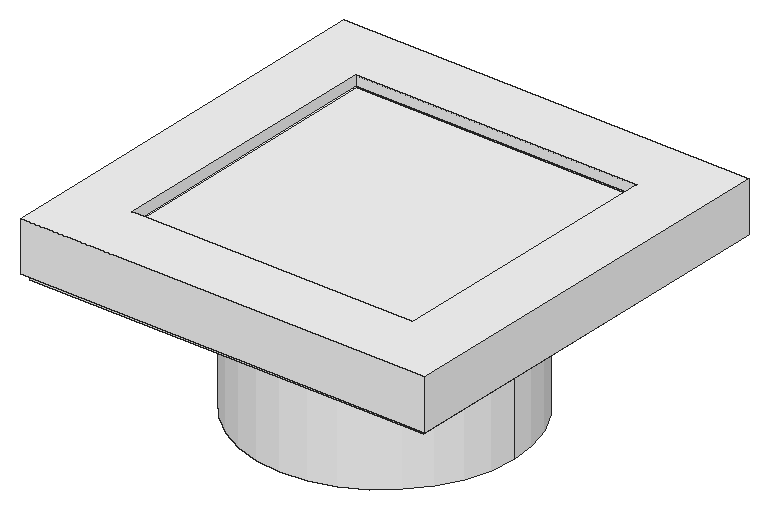
Revit family "Gira_0136600", category Electrical Fixtures, host Face, Revit 2017
Family settings
  Host = Face
  Maintain Annotation Orientation = Yes
  Round Connector Dimension = Use Diameter
  Part Type = Normal
  Cut with Voids When Loaded = No
  Shared = No
  Room Calculation Point = No
Parameters (values of type "PB ind.sw. off/2-way System 55 stainl.steel")
  With mounting plate = "No"
  Wiring system = "Two-way switch"
  White [instance] = White
  Washing machine switch = "No"
  URL = "http://katalog.gira.de/en/datenblatt.html?artikelnr=0136600"
  Type of lighting = "Glow lamp"
  Type of fastening = "Mounting with claw and screw"
  Surface protection = "Other"
  Surface finishing = "Glossy"
  Suitable for degree of protection (IP) = "IP20"
  Rated current = "10"
  Push button switch = "Yes"
  Number of rockers = "1"
  Number of modules (module system) = "1"
  Nominal voltage = "250"
  Name = "PB ind.sw. off/2-way System 55 stainl.steel"
  Mounting method = "Flush mounted (plaster)"
  Model = "Sys55_Komplettgerät_Schalten und Tasten"
  Method of operation = "Rocker/button"
  Material quality = "Stainless steel"
  Material = "Metal"
  Manufacturer URL = "https://www.gira.de/"
  Manufacturer = "Gira"
  Label space/information surface = "No"
  Illumination = "Yes"
  HeinzeBIM = "https://bimportal.heinze.de/bim/pb-ind-sw-off-2-way-system-55-stainl-steel/b1569e4ebece3272e9fd8b013610c150080160a2"
  Halogen free = "No"
  HAN = "0136600"
  GTIN = "4010337021766"
  Function lighting = "Illuminated (on)"
  Feedback-signal contact = "No"
  Description = "PB ind.sw.off 2-w Sys55 SST,Pushbutton indicator switch 10 AX 250 V~ with rocker,Universal off 2-way switch,Stainless steel,Notes :,- Can also be connected with illumination."
  Default Elevation = 1219.2 mm
  Data sheet (1) = "https://katalog.gira.de/en/download.html?artikelnr=0136600"
  Connection type = "Plug clamp"
  Colour = "Stainless steel"
  Category = "Switch"
  BIM (1) = "https://media.stage.bim.site/public/gira/36a6b08/Sys55_Komplettgerät_Schalten und Tasten.rfa?public/gira/36a6b08/Sys55_Komplettgerät_Schalten und Tasten.rfa"
  Available = "No"
  Assembly arrangement = "Basic element with central cover plate"
Reference planes
  plane 1 "Center (Front/Back)": y = 0
  plane 2: z = 0
  plane 3 "Center (Left/Right)": x = 0
Forms (mm)
  Extrusion 1, solid, material "White" <- "White", detail levels medium
    sketch origin (0, 0, 0) x (1, 0, 0) y (0, 1, 0)
      loop
        line (-40.4, 40.4) -> (-40.4, -40.4) -> (40.4, -40.4) -> (40.4, 40.4) -> (-40.4, 40.4)
      loop
        line (-28, 28) -> (-28, -28) -> (28, -28) -> (28, 28) -> (-28, 28)
    from 0 to 10
  Extrusion 2, solid, material "White" <- "White", detail levels fine
    sketch origin (0, 0, 0) x (1, 0, 0) y (0, 1, 0)
      loop
        line (-40.4, 40.4) -> (-40.4, -40.4) -> (40.4, -40.4) -> (40.4, 40.4) -> (-40.4, 40.4)
      loop
        line (-28, 28) -> (-28, -28) -> (28, -28) -> (28, 28) -> (-28, 28)
    from 0 to 10
  Extrusion 3, void
    sketch origin (0, 0, 0) x (1, 0, 0) y (0, 1, 0)
      loop
        line (-38.4, 38.4) -> (-38.4, -38.4) -> (38.4, -38.4) -> (38.4, 38.4) -> (-38.4, 38.4)
    from 0 to 8
  Extrusion 4, solid, material "White" <- "White", detail levels medium+fine
    sketch origin (0, 0, 0) x (1, 0, 0) y (0, 1, 0)
      loop
        line (-39.4, 39.4) -> (-39.4, -39.4) -> (39.4, -39.4) -> (39.4, 39.4) -> (-39.4, 39.4)
    from 0 to -1
  Extrusion 5, solid, material "White" <- "White", detail levels medium+fine
    sketch origin (0, 0, 0) x (1, 0, 0) y (0, 1, 0)
      loop
        line (-35.5, 35.5) -> (-35.5, -35.5) -> (35.5, -35.5) -> (35.5, 35.5) -> (-35.5, 35.5)
    from -2 to -3
  Extrusion 6, solid, material "White" <- "White", detail levels medium+fine
    sketch origin (0, 0, 0) x (1, 0, 0) y (0, 1, 0)
      loop
        circle (0, 0) r 26
    from 0 to -27.5
  Extrusion 7, solid, material "White" <- "White", detail levels coarse
    sketch origin (0, 0, 0) x (1, 0, 0) y (0, 1, 0)
      loop
        line (-40.4, 40.4) -> (-40.4, -40.4) -> (40.4, -40.4) -> (40.4, 40.4) -> (-40.4, 40.4)
    from -27.5 to 10
Cuts and joins
  Extrusion 3 cuts Extrusion 2
Dimensions and locks
  aligned and locked: plane 2 to host face
  aligned and locked: level to host face
  aligned and locked: plane 3 "Center (Left/Right)" to nested 2
  aligned and locked: plane 1 "Center (Front/Back)" to nested 2
Nested families
  nested 1: "Sys55_Abdeckung_Schalten und Tasten_floor_base" at (0, 0, 0), type "Sys55_Abdeckung_Schalten und Tasten_floor_base"
  nested 2: "Schalter" at (0, 0, 0), type "Schalter"
Connectors
  electrical at (0, 0, -27.5)
    settings: on Extrusion 6, index 1, voltage 220 V, apparent load 0 VA, apparent load phase1 0 VA, apparent load phase2 0 VA, apparent load phase3 0 VA, power factor 1, load classification "Other", number of poles 1, system type 30, power factor state 1, is connector primary yes, connector utility no, sub classification motor no, connector description ""
Definition of nested family "Sys55_Abdeckung_Schalten und Tasten_floor_base"
  Parameters
    Default Elevation = 1219.2 mm
    White [instance] = none
  Reference planes
    plane 1 "Center (Front/Back)": y = 0
    plane 2: z = 0
    plane 3 "Center (Left/Right)": x = 0
  Forms (mm)
    Extrusion 1, solid
      sketch origin (0, 0, 0) x (1, 0, 0) y (0, 1, 0)
        loop
          line (-1219.2, 1219.2) -> (-1219.2, -1219.2) -> (1219.2, -1219.2) -> (1219.2, 1219.2) -> (-1219.2, 1219.2)
      from 0 to -304.8
    Extrusion 2, solid, material <- "White", detail levels fine
      sketch origin (0, 0, 0) x (1, 0, 0) y (0, 1, 0)
        loop
          line (-27.5, 27.5) -> (-27.5, -27.5) -> (27.5, -27.5) -> (27.5, 27.5) -> (-27.5, 27.5)
      from 0 to 8
    Extrusion 3, void
      sketch origin (0, 0, 0) x (1, 0, 0) y (0, 1, 0)
        loop
          line (26, 26) -> (-26, 26) -> (-26, -26) -> (26, -26) -> (26, 26)
      from 0 to 6
    Extrusion 4, solid, material <- "White", detail levels medium
      sketch origin (0, 0, 0) x (1, 0, 0) y (0, 1, 0)
        loop
          line (-27.5, 27.5) -> (-27.5, -27.5) -> (27.5, -27.5) -> (27.5, 27.5) -> (-27.5, 27.5)
      from 0 to 8
    Extrusion 5, solid, material <- "White", detail levels medium
      sketch origin (0, 0, 0) x (1, 0, 0) y (0, 1, 0)
        loop
          line (11, -17.5) -> (11, 17.5) -> (-11, 17.5) -> (-11, -17.5) -> (11, -17.5)
      from -6 to 6
    Extrusion 6, solid, material <- "White", detail levels fine
      sketch origin (0, 0, 0) x (1, 0, 0) y (0, 1, 0)
        loop
          line (11, 17.5) -> (-11, 17.5) -> (-11, 16.5) -> (11, 16.5) -> (11, 17.5)
        loop
          line (-11, -16.5) -> (-11, -17.5) -> (11, -17.5) -> (11, -16.5) -> (-11, -16.5)
      from -4 to 6
    Extrusion 7, solid, material <- "White", detail levels fine
      sketch origin (0, 0, 0) x (1, 0, 0) y (0, 1, 0)
        loop
          arc (5, 9.347) -> (0, 10.6) -> (-5, 9.347) r 10.6
          line (-5, 9.347) -> (-5, -9.347)
          arc (-5, -9.347) -> (0, -10.6) -> (5, -9.347) r 10.6
          line (5, -9.347) -> (5, 9.347)
      from -6 to 6
    Extrusion 8, solid, material <- "White", detail levels coarse
      sketch origin (0, 0, 0) x (1, 0, 0) y (0, 1, 0)
        loop
          line (-27.5, 27.5) -> (-27.5, -27.5) -> (27.5, -27.5) -> (27.5, 27.5) -> (-27.5, 27.5)
      from -6 to 8
  Cuts and joins
    Extrusion 3 cuts Extrusion 2
  Dimensions and locks
    aligned and locked: plane 2 to Extrusion 1
    aligned and locked: level to Extrusion 1
Definition of nested family "Schalter"
  Reference planes
    plane 1: y = 0
    plane 2: x = 0
  Lines and regions (mm)
    detail lines
      curve 1: circle (1.375, 2.778, 0) r 0.8 normal (0, 0, 1)
      curve 2: line (1.021, 2.061, 0) -> (0, 0, 0)
      curve 3: line (0, 0, 0) -> (-0.538, 0.266, 0)
  Dimensions and locks
    curve 2 to curve 2 = 2.3 mm
    curve 3 to curve 2 = 0.6 mm
    radius of curve 1 = 0.8 mm
